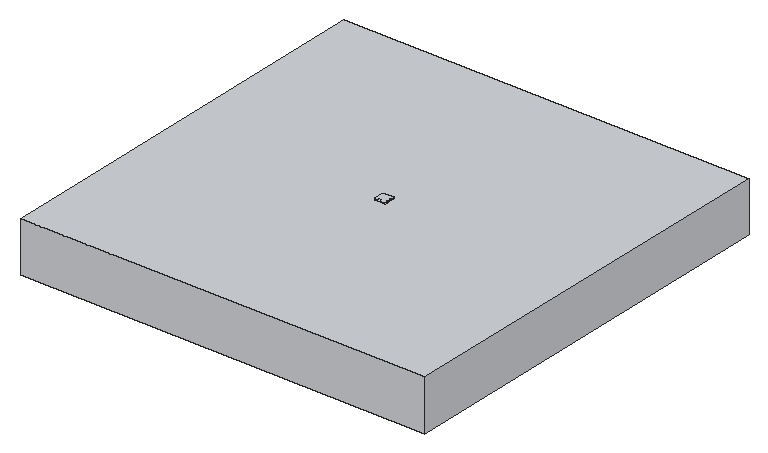
Revit family "Gira_040000", category Allgemeines Modell, Revit 2017
Family settings
  Basisbauteil = Fläche
  Kann Basisbauteil für Bewehrung sein = Nein
  Bemaßung runder Anschluss = Durchmesser verwenden
  Teiletyp = Normal
  Beim Laden mit Abzugskörper schneiden = Nein
  Gemeinsam genutzt = Nein
  Raumberechnungspunkt = Nein
Parameters
  With strain relief = yes
  With memory function = no
  With imprint = no
  With hinged lid = no
  With glass breaking detector connection = no
  With dust cover = no
  With brightness sensor connection = no
  With Astro program = no
  Default Elevation = 1219.2 mm
  Utilization = "Telex/ADo"
  URL = "https://www.gira.de/"
  Typname = "Cab.branch 5-p Insert"
  Type of fastening = "Mounting with claw and screw"
  Transparent = no
  Switch-off protection = no
  Surface protection = "Other"
  Surface finishing = "Not applicable"
  Support ring = yes
  Suitable for wind sensor = no
  Suitable for rain sensor = no
  Suitable for degree of protection (IP) = "IP20"
  Substation input = no
  Random generator = no
  Radio frequent bidirectional = no
  Productwebsite = "http://katalog.gira.de/en/datenblatt.html?artikelnr=040000"
  Other bus systems = "None"
  Nominal voltage [Volt] = 230
  Mounting method = "Flush mounted (plaster)"
  Max. switching power [Voltampere] = 1000
  Material quality = "Other"
  Material = "Other"
  Luster terminal = yes
  Integrated timer = no
  Imprintable label = "Without indication field"
  Hersteller = "Gira"
  Halogen free = yes
  HAN = "040000"
  GTIN = "4010337400004"
  Frequency [Hz] = "[50:50]"
  Data sheet = "https://katalog.gira.de/en/download.html?artikelnr=040000"
  Colour = "Other"
  Bus system radio frequent = no
  Bus system Powernet = no
  Bus system LON = no
  Bus system KNX radio = no
  Bus system KNX = yes
  Beschreibung = "Cab.branch 5-p Ins.,Cable branch insert 5-pole ,,,Features:,- With screw terminals."
  BIM = "https://media.stage.bim.site/public/gira/ad86d9f/Einsatz_1fach.rfa"
  Assembly arrangement = "Basic element"
Reference planes
  plane 1 "Center (Front/Back)": y = 0
  plane 2: z = 0
  plane 3 "Center (Left/Right)": x = 0
Forms (mm)
  Extrusion 1, solid
    sketch origin (0, 0, 0) x (1, 0, 0) y (0, 1, 0)
      loop
        line (-1219.2, 1219.2) -> (-1219.2, -1219.2) -> (1219.2, -1219.2) -> (1219.2, 1219.2) -> (-1219.2, 1219.2)
    from 0 to -304.8
  Extrusion 2, solid, detail levels fine
    sketch origin (0, 0, 0) x (1, 0, 0) y (0, 1, 0)
      loop
        line (27.475, 35.475) -> (-27.475, 35.475)
        arc (-27.475, 35.475) -> (-33.132, 33.132) -> (-35.475, 27.475) r 8
        line (-35.475, 27.475) -> (-35.475, -27.475)
        arc (-35.475, -27.475) -> (-33.132, -33.132) -> (-27.475, -35.475) r 8
        line (-27.475, -35.475) -> (27.475, -35.475)
        arc (27.475, -35.475) -> (33.132, -33.132) -> (35.475, -27.475) r 8
        line (35.475, -27.475) -> (35.475, 27.475)
        arc (35.475, 27.475) -> (33.132, 33.132) -> (27.475, 35.475) r 8
    from 0 to 1.8
  Extrusion 3, solid, detail levels fine
    sketch origin (0, 0, 0) x (1, 0, 0) y (0, 1, 0)
      loop
        line (9.678, 25.4) -> (-9.678, 25.4)
        arc (-9.678, 25.4) -> (-12.885, 24.922) -> (-15.814, 23.53) r 11
        arc (-15.814, 23.53) -> (-17.795, 22.07) -> (-19.641, 20.444) r 28.35
        arc (-19.641, 20.444) -> (-21.339, 18.665) -> (-22.876, 16.745) r 28.35
        arc (-22.876, 16.745) -> (-24.456, 13.666) -> (-25, 10.248) r 11
        line (-25, 10.248) -> (-25, -10.248)
        arc (-25, -10.248) -> (-24.456, -13.666) -> (-22.876, -16.745) r 11
        arc (-22.876, -16.745) -> (-20.409, -19.677) -> (-17.569, -22.25) r 28.35
        line (-17.569, -22.25) -> (17.569, -22.25)
        arc (17.569, -22.25) -> (20.409, -19.677) -> (22.876, -16.745) r 28.35
        arc (22.876, -16.745) -> (24.456, -13.666) -> (25, -10.248) r 11
        line (25, -10.248) -> (25, 10.248)
        arc (25, 10.248) -> (24.456, 13.666) -> (22.876, 16.745) r 11
        arc (22.876, 16.745) -> (21.593, 18.37) -> (20.195, 19.897) r 28.35
        arc (20.195, 19.897) -> (18.096, 21.823) -> (15.814, 23.53) r 28.35
        arc (15.814, 23.53) -> (12.885, 24.922) -> (9.678, 25.4) r 11
    from 0 to -22
  Extrusion 4, solid, detail levels medium
    sketch origin (0, 0, 0) x (1, 0, 0) y (0, 1, 0)
      loop
        line (-25, 25.4) -> (-25, -22.25) -> (25, -22.25) -> (25, 25.4) -> (-25, 25.4)
    from 0 to -22
  Extrusion 5, solid, detail levels coarse
    sketch origin (0, 0, 0) x (1, 0, 0) y (0, 1, 0)
      loop
        line (35.475, 35.475) -> (-35.475, 35.475) -> (-35.475, -35.475) -> (35.475, -35.475) -> (35.475, 35.475)
    from -22 to 1.8
  Extrusion 6, solid, detail levels medium
    sketch origin (0, 0, 0) x (1, 0, 0) y (0, 1, 0)
      loop
        line (35.475, 35.475) -> (-35.475, 35.475) -> (-35.475, -35.475) -> (35.475, -35.475) -> (35.475, 35.475)
    from 0 to 1.8
Dimensions and locks
  aligned and locked: plane 2 to Extrusion 1
  aligned and locked: level to Extrusion 1
Connectors
  electrical at (0, 0, -22)
    settings: on Extrusion 5, index 1, voltage 220 V, apparent load 0 VA, apparent load phase1 0 VA, apparent load phase2 0 VA, apparent load phase3 0 VA, power factor 1, load classification "Other", number of poles 1, system type 30, power factor state 1, is connector primary yes, connector utility no, sub classification motor no, connector description ""
